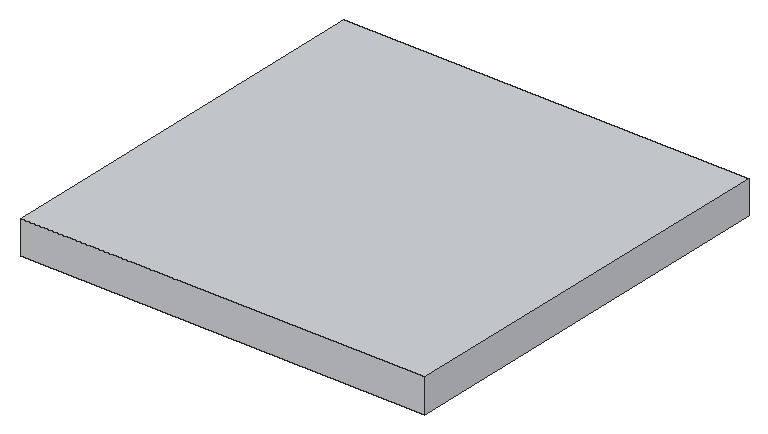
Revit family "DMElétrico_Carga_Elétrica", category Dispositivos elétricos, Revit 2025
Family settings
  Cota do conector redondo = Utilizar diâmetro
  Tipo de parte = Normal
  Com base no plano de trabalho = Não
  Sempre na vertical = Sim
  Corte com vazios quando carregada = Não
  Manter orientação da anotação = Não
  Compartilhado = Não
  Ponto de cálculo do ambiente = Não
Parameters
  Voltagem = 0 V
  Usar Demanda [instance] = no
  Usar Carga Personalizada [instance] = no
  Potência Utilizada [instance] = if(Usar Carga Personalizada, Potência Personalizada, if(Usar Demanda, Potência Demandada, Potência Instalada))  # 0 VA
  Potência Personalizada [instance] = 0 VA
  Potência Instalada [instance] = 0 VA
  Potência Demandada [instance] = 0 VA
  Número de Fases [instance] = 1
  Fator de Potência [instance] = 1
  Elevação padrão = 0 mm
  Classificação de Carga [instance] = Outro
Reference planes
  plane 1 "Center (Front/Back)": y = 0
  plane 2: z = 0
  plane 3 "Center (Left/Right)": x = 0
Forms (mm)
  Extrusion 1, solid
    sketch origin (0, 0, 0) x (1, 0, 0) y (0, 1, 0)
      loop
        line (-15, 15) -> (-15, -15) -> (15, -15) -> (15, 15) -> (-15, 15)
    from 0 to -2.5
Lines and regions (mm)
  model lines
    curve 1: circle (0, 0, 0) r 15 normal (0, 0, 1)
    curve 2: circle (0, 0, 0) r 15 normal (0, -1, 0)
    curve 3: circle (0, 0, 0) r 15 normal (1, 0, 0)
Dimensions and locks
  aligned and locked: level to plane 2
Connectors
  cabletrayconduit at (0, 0, 0), diameter 32
    settings: on Extrusion 1, index 1, connector width 300 mm, connector height 300 mm, connector angle 0.00°, system type 32, placement type 0, profile type 0, connector reference index -1, is primary connector yes, connector utility param no, connector description ""
  cabletrayconduit at (0, 0, -2.5), diameter 32
    settings: on Extrusion 1, index 2, connector width 300 mm, connector height 300 mm, connector angle 0.00°, system type 32, placement type 0, profile type 0, connector reference index -1, is primary connector no, connector utility param no, connector description ""
  electrical at (0, 0, 0), driven by "Classificação de Carga", driven by "Fator de Potência", driven by "Número de Fases", driven by "Voltagem", driven by "Potência Utilizada"
    settings: on Extrusion 1, index 3, voltage 0 V, apparent load 0 VA, apparent load phase1 0 VA, apparent load phase2 0 VA, apparent load phase3 0 VA, power factor 1, load classification "Outro", number of poles 1, system type 30, power factor state 1, is connector primary yes, connector utility no, sub classification motor no, connector description ""
